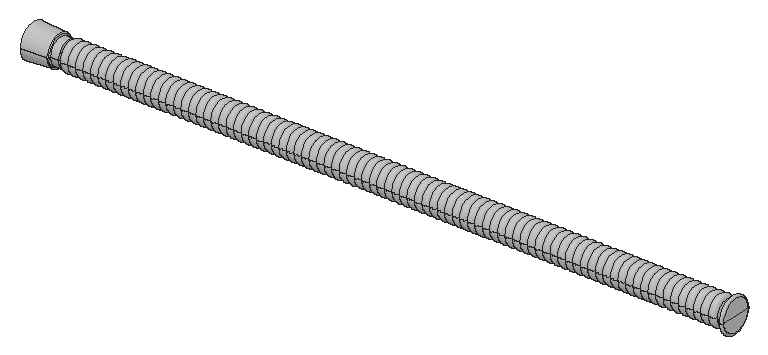
Revit family "Universal-Showering_U495D-BL60-PK", category Generic Models, host Face, Revit 2013
Parameters (values of type "Stainless")
  Unit = Stainless Steel
  URL = "www.deltafaucet.com"
  Model = "U495D-SS60-PK"
  Manufacturer = "Delta"  # constant formula
  Description = "Universal Showering"  # constant formula
  Default Elevation = 1524.00 mm
  Base = Matte Black
Types (8, lengths in mm): name | Unit | Model
  (no name) | Stainless Steel | "U495D-SS60-PK"
  Chrome | Metal - Chrome | "U495D-BL60-PK"
  Matte Black | Matte Black | "U495D-BL60-PK"
  Champagne Bronze | Bronze | "U495D-CZ60-PK"
  Polished Brass | Brass, Soft Yellow, Welded | "U495D-PB60-PK"
  Polished Nickel | Nickel-Brizo-Metal-Brushed | "U495D-PN60-PK"
  Venetian Bronze | Bronze-Brizo-Metal-Brilliance-Brushed | "U495D-RB60-PK"
  Stainless | Stainless Steel | "U495D-SS60-PK"
Reference planes
  plane 1 "Center (Front/Back)": y = 0
  plane 2: z = 0
  plane 3 "Center (Left/Right)": x = 0
Dimensions and locks
  aligned and locked: plane 2 to host face
  aligned and locked: level to host face
  aligned and locked: plane 1 "Center (Front/Back)" to nested 1
Nested families
  nested 1: "U495D-BL60" at (-410.811, 33.566, 42.561) x (0, 1, 0) z (-1, 0, 0), type "U495D-BL60"
    with Flow Pressure 0.00 psi
Definition of nested family "U495D-BL60"
  Parameters (values of type "U495D-69-PK")
    Waste Connection = yes
    WFU = 0
    Vent Connection = yes
    URL = ""
    Model = ""
    Manufacturer = ""
    HWFU = 0
    HW Connection = yes
    Flow Pressure [instance] = 0.00 psi
    Finish = Stainless Steel
    Description = ""
    Default Elevation = 1219.20 mm
    CWFU = 0
    CW Connection = yes
    Assembly Code = ""
  Reference planes
    plane 1 "Center (Front/Back)": y = 0
    plane 2: z = 0
    plane 3 "Center (Left/Right)": x = 0
    plane 4: y = -3.707
    plane 5: x = -33.566
    plane 6: z = 296.183
    plane 7: z = -1227.817
  Forms (mm)
    Revolve 1, solid, material "Stainless Steel" <- "Finish"
      sketch origin (0, -3.707, 298.554) x (0, 0, 1) y (-1, 0, 0)
        loop
          line (-2.371, 33.388) -> (-2.371, 70.127) -> (-58.108, 66.567)
          arc (-58.108, 66.567) -> (-59.572, 65.877) -> (-60.168, 64.372) r 2.2
          line (-60.168, 64.372) -> (-60.168, 61.298) -> (-78.679, 61.298) -> (-78.679, 44.065) -> (-60.168, 44.065) -> (-60.168, 33.388) -> (-2.371, 33.388)
        axis (-2.371, 33.388) -> (-78.679, 33.388)
      angle from 0 to 360
    Revolve 2, solid, material "Stainless Steel" <- "Finish"
      sketch origin (0, -3.707, 256.507) x (0, 0, -1) y (-1, 0, 0)
        loop
          line (1484.325, 33.388) -> (1484.325, 66.414)
          arc (1484.325, 66.414) -> (1482.088, 69.925) -> (1477.96, 69.381) r 3.874
          line (1477.96, 69.381) -> (1462.503, 56.411)
          arc (1462.503, 56.411) -> (1454.322, 64.592) -> (1446.142, 56.411) r 8.18
          arc (1446.142, 56.411) -> (1437.962, 64.592) -> (1429.781, 56.411) r 8.18
          arc (1429.781, 56.411) -> (1421.601, 64.592) -> (1413.421, 56.411) r 8.18
          arc (1413.421, 56.411) -> (1405.24, 64.592) -> (1397.06, 56.411) r 8.18
          arc (1397.06, 56.411) -> (1388.88, 64.592) -> (1380.699, 56.411) r 8.18
          arc (1380.699, 56.411) -> (1372.519, 64.592) -> (1364.338, 56.411) r 8.18
          arc (1364.338, 56.411) -> (1356.158, 64.592) -> (1347.978, 56.411) r 8.18
          arc (1347.978, 56.411) -> (1339.797, 64.592) -> (1331.617, 56.411) r 8.18
          arc (1331.617, 56.411) -> (1323.437, 64.592) -> (1315.256, 56.411) r 8.18
          arc (1315.256, 56.411) -> (1307.076, 64.592) -> (1298.896, 56.411) r 8.18
          arc (1298.896, 56.411) -> (1290.715, 64.592) -> (1282.535, 56.411) r 8.18
          arc (1282.535, 56.411) -> (1274.355, 64.592) -> (1266.174, 56.411) r 8.18
          arc (1266.174, 56.411) -> (1257.994, 64.592) -> (1249.813, 56.411) r 8.18
          arc (1249.813, 56.411) -> (1241.633, 64.592) -> (1233.453, 56.411) r 8.18
          arc (1233.453, 56.411) -> (1225.272, 64.592) -> (1217.092, 56.411) r 8.18
          arc (1217.092, 56.411) -> (1208.912, 64.592) -> (1200.731, 56.411) r 8.18
          arc (1200.731, 56.411) -> (1192.551, 64.592) -> (1184.371, 56.411) r 8.18
          arc (1184.371, 56.411) -> (1176.19, 64.592) -> (1168.01, 56.411) r 8.18
          arc (1168.01, 56.411) -> (1159.829, 64.592) -> (1151.649, 56.411) r 8.18
          arc (1151.649, 56.411) -> (1143.469, 64.592) -> (1135.288, 56.411) r 8.18
          arc (1135.288, 56.411) -> (1127.108, 64.592) -> (1118.928, 56.411) r 8.18
          arc (1118.928, 56.411) -> (1110.747, 64.592) -> (1102.567, 56.411) r 8.18
          arc (1102.567, 56.411) -> (1094.387, 64.592) -> (1086.206, 56.411) r 8.18
          arc (1086.206, 56.411) -> (1078.026, 64.592) -> (1069.846, 56.411) r 8.18
          arc (1069.846, 56.411) -> (1061.665, 64.592) -> (1053.485, 56.411) r 8.18
          arc (1053.485, 56.411) -> (1045.304, 64.592) -> (1037.124, 56.411) r 8.18
          arc (1037.124, 56.411) -> (1028.944, 64.592) -> (1020.763, 56.411) r 8.18
          arc (1020.763, 56.411) -> (1012.583, 64.592) -> (1004.403, 56.411) r 8.18
          arc (1004.403, 56.411) -> (996.222, 64.592) -> (988.042, 56.411) r 8.18
          arc (988.042, 56.411) -> (979.862, 64.592) -> (971.681, 56.411) r 8.18
          arc (971.681, 56.411) -> (963.501, 64.592) -> (955.321, 56.411) r 8.18
          arc (955.321, 56.411) -> (947.14, 64.592) -> (938.96, 56.411) r 8.18
          arc (938.96, 56.411) -> (930.779, 64.592) -> (922.599, 56.411) r 8.18
          arc (922.599, 56.411) -> (914.419, 64.592) -> (906.238, 56.411) r 8.18
          arc (906.238, 56.411) -> (898.058, 64.592) -> (889.878, 56.411) r 8.18
          arc (889.878, 56.411) -> (881.697, 64.592) -> (873.517, 56.411) r 8.18
          arc (873.517, 56.411) -> (865.337, 64.592) -> (857.156, 56.411) r 8.18
          arc (857.156, 56.411) -> (848.976, 64.592) -> (840.795, 56.411) r 8.18
          arc (840.795, 56.411) -> (832.615, 64.592) -> (824.435, 56.411) r 8.18
          arc (824.435, 56.411) -> (816.254, 64.592) -> (808.074, 56.411) r 8.18
          arc (808.074, 56.411) -> (799.894, 64.592) -> (791.713, 56.411) r 8.18
          arc (791.713, 56.411) -> (783.533, 64.592) -> (775.353, 56.411) r 8.18
          arc (775.353, 56.411) -> (767.172, 64.592) -> (758.992, 56.411) r 8.18
          arc (758.992, 56.411) -> (750.812, 64.592) -> (742.631, 56.411) r 8.18
          arc (742.631, 56.411) -> (734.451, 64.592) -> (726.27, 56.411) r 8.18
          arc (726.27, 56.411) -> (718.09, 64.592) -> (709.91, 56.411) r 8.18
          arc (709.91, 56.411) -> (701.729, 64.592) -> (693.549, 56.411) r 8.18
          arc (693.549, 56.411) -> (685.369, 64.592) -> (677.188, 56.411) r 8.18
          arc (677.188, 56.411) -> (669.008, 64.592) -> (660.828, 56.411) r 8.18
          arc (660.828, 56.411) -> (652.647, 64.592) -> (644.467, 56.411) r 8.18
          arc (644.467, 56.411) -> (636.286, 64.592) -> (628.106, 56.411) r 8.18
          arc (628.106, 56.411) -> (619.926, 64.592) -> (611.745, 56.411) r 8.18
          arc (611.745, 56.411) -> (603.565, 64.592) -> (595.385, 56.411) r 8.18
          arc (595.385, 56.411) -> (587.204, 64.592) -> (579.024, 56.411) r 8.18
          arc (579.024, 56.411) -> (570.844, 64.592) -> (562.663, 56.411) r 8.18
          arc (562.663, 56.411) -> (554.483, 64.592) -> (546.303, 56.411) r 8.18
          arc (546.303, 56.411) -> (538.122, 64.592) -> (529.942, 56.411) r 8.18
          arc (529.942, 56.411) -> (521.761, 64.592) -> (513.581, 56.411) r 8.18
          arc (513.581, 56.411) -> (505.401, 64.592) -> (497.22, 56.411) r 8.18
          arc (497.22, 56.411) -> (489.04, 64.592) -> (480.86, 56.411) r 8.18
          arc (480.86, 56.411) -> (472.679, 64.592) -> (464.499, 56.411) r 8.18
          arc (464.499, 56.411) -> (456.319, 64.592) -> (448.138, 56.411) r 8.18
          arc (448.138, 56.411) -> (439.958, 64.592) -> (431.777, 56.411) r 8.18
          arc (431.777, 56.411) -> (423.597, 64.592) -> (415.417, 56.411) r 8.18
          arc (415.417, 56.411) -> (407.236, 64.592) -> (399.056, 56.411) r 8.18
          arc (399.056, 56.411) -> (390.876, 64.592) -> (382.695, 56.411) r 8.18
          arc (382.695, 56.411) -> (374.515, 64.592) -> (366.335, 56.411) r 8.18
          arc (366.335, 56.411) -> (358.154, 64.592) -> (349.974, 56.411) r 8.18
          arc (349.974, 56.411) -> (341.794, 64.592) -> (333.613, 56.411) r 8.18
          arc (333.613, 56.411) -> (325.433, 64.592) -> (317.252, 56.411) r 8.18
          arc (317.252, 56.411) -> (309.072, 64.592) -> (300.892, 56.411) r 8.18
          arc (300.892, 56.411) -> (292.711, 64.592) -> (284.531, 56.411) r 8.18
          arc (284.531, 56.411) -> (276.351, 64.592) -> (268.17, 56.411) r 8.18
          arc (268.17, 56.411) -> (259.99, 64.592) -> (251.81, 56.411) r 8.18
          arc (251.81, 56.411) -> (243.629, 64.592) -> (235.449, 56.411) r 8.18
          arc (235.449, 56.411) -> (227.268, 64.592) -> (219.088, 56.411) r 8.18
          arc (219.088, 56.411) -> (210.908, 64.592) -> (202.727, 56.411) r 8.18
          arc (202.727, 56.411) -> (194.547, 64.592) -> (186.367, 56.411) r 8.18
          arc (186.367, 56.411) -> (178.186, 64.592) -> (170.006, 56.411) r 8.18
          arc (170.006, 56.411) -> (161.826, 64.592) -> (153.645, 56.411) r 8.18
          arc (153.645, 56.411) -> (145.465, 64.592) -> (137.285, 56.411) r 8.18
          arc (137.285, 56.411) -> (129.104, 64.592) -> (120.924, 56.411) r 8.18
          arc (120.924, 56.411) -> (112.743, 64.592) -> (104.563, 56.411) r 8.18
          arc (104.563, 56.411) -> (96.383, 64.592) -> (88.202, 56.411) r 8.18
          arc (88.202, 56.411) -> (80.022, 64.592) -> (71.842, 56.411) r 8.18
          arc (71.842, 56.411) -> (63.661, 64.592) -> (55.481, 56.411) r 8.18
          arc (55.481, 56.411) -> (47.301, 64.592) -> (39.12, 56.411) r 8.18
          line (39.12, 56.411) -> (28.475, 56.411) -> (28.475, 33.388) -> (1484.325, 33.388)
        axis (28.475, 33.388) -> (1484.325, 33.388)
      angle from 0 to 360
  Dimensions and locks
    plane 6 to plane 7 = 1524.00 mm
